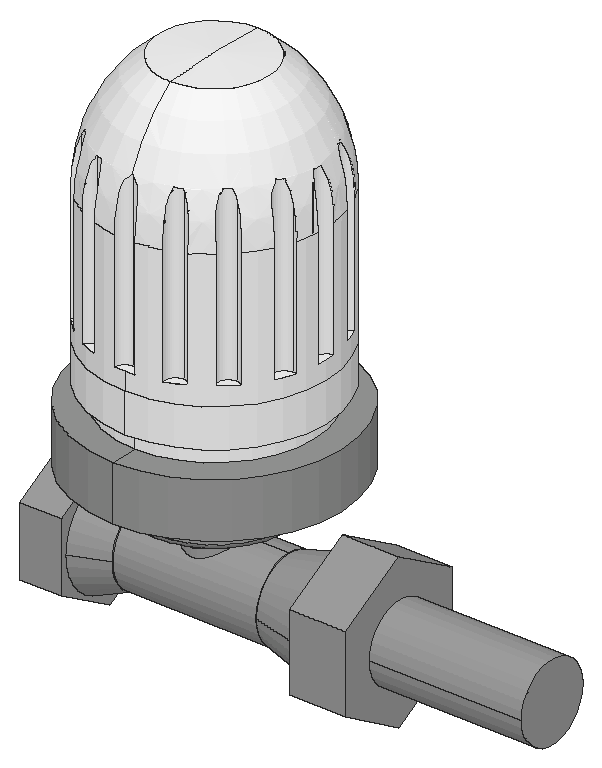
Revit family "BIMLIB_Термостатический_клапан_TVD_РОСТерм", category Арматура трубопроводов, Revit 2017
Family settings
  Размер круглого соединителя = Использовать диаметр
  Тип детали = Клапан - Вставляется
  На основе рабочей плоскости = Нет
  Всегда вертикально = Нет
  При загрузке вырезать с полостями = Нет
  Общий = Нет
Parameters (values of type "HEIZEN TVD")
  РТ_Термоэлемент [instance] = yes
  РТ_Перепад давления [instance] = if(РТ_DN = 15.00 mm, 100.0 kPa, 0.0 kPa)  # 100.0 kPa
  РТ_Номинальное давление = 10.0 bar  # constant formula
  РТ_not(Термоэлемент) [instance] = if(not(РТ_Термоэлемент), 1 = 1, 0 = 1)  # no
  РТ_L = 95.00 mm  # constant formula
  РТ_Kvm [instance] = 0.049 m³/h  # constant formula
  РТ_Kvs [instance] = if(РТ_Термоэлемент, 0.67 m³/h, 0.86 m³/h)  # 0.67 m³/h
  Метод определения потерь = Не задано
  K Coefficient = 0
  URL = "http://rostherm.ru/"
  Изготовитель = "РОСТерм"  # constant formula
  Model = ""
  Описание = "Термостатические клапаны предназначены для автоматического или ручного регулирования расхода теплоносителя с температурой до 120ºС\r\nи рабочим давлением до 1,0 МПа включительно через отопительный\r\nприбор водяной системы отопления."
  Assembly Code = ""
  РТ_DN = 15.00 mm  # constant formula
  BL_Разработано = "support@bimlib.ru"  # constant formula
  BL_Email = "rostherm@bimlib.ru"  # constant formula
  BL_BIM library = "https://bimlib.pro/manufacturer/rosterm/1632"
  ADSK_Расход жидкости [instance] = 0.0 m³/h
  ADSK_Примечание = ""
  ADSK_Позиция = ""
  ADSK_Обозначение = if(РТ_DN = 15.00 mm, "ГОСТ 30815-2002", "-")  # "ГОСТ 30815-2002"
  ADSK_Наименование краткое = if(РТ_DN = 15.00 mm, "TVD 2101 Ду15", "-")  # "TVD 2101 Ду15"
  ADSK_Наименование = if(РТ_DN = 15.00 mm, "ТЕРМОСТАТИЧЕСКИЙ КЛАПАН С ПРЕДВАРИТЕЛЬНОЙ НАСТРОЙКОЙ TVD 2101 Ду15", "-")  # "ТЕРМОСТАТИЧЕСКИЙ КЛАПАН С ПРЕДВАРИТЕЛЬНОЙ НАСТРОЙКОЙ TVD 2101 Ду15"
  ADSK_Материал [instance] = BIMLIB_Серый_РТ
  ADSK_Масса_Текст = ""
  ADSK_Масса = 0
  ADSK_Марка = if(РТ_DN = 15.00 mm, "TVD 2101 Ду15", "-")  # "TVD 2101 Ду15"
  ADSK_Код изделия = if(РТ_DN = 15.00 mm, "TVD 2101-15", "-")  # "TVD 2101-15"
  ADSK_Завод-изготовитель = "Heizen"  # constant formula
  ADSK_Единица измерения = "шт."  # constant formula
  ADSK_Версия Revit = "2017"  # constant formula
  ADSK_URL страницы изделия = "http://rostherm.ru/termostatika/"
  ADSK_URL документации изделия = "http://rostherm.ru/"
Reference planes
  plane 1 "Centro (Fronte/Retro)": y = 0
  plane 2: z = 0
  plane 3 "Centro (Sinistra/Destra)": x = 0
Dimensions and locks
  aligned and locked: level to plane 2
  aligned and locked: nested 4 to plane 1 "Centro (Fronte/Retro)"
  aligned and locked: nested 4 to nested 1
Nested families
  nested 1: "BIMLIB_Термостатический_клапан_TVD_РОСТерм_DN15" at (0, 0, 0), ADSK_Материал <- "ADSK_Материал", РТ_Термоголовка <- "РТ_not(Термоэлемент)", type "DN 15"
    with РТ_Термоголовка no, ADSK_Материал BIMLIB_Серый_РТ
  nested 2: "УГО_Фронт" at (-15, 0, 0), type "УГО_Фронт", detail levels coarse
    with Длина 65.00 mm
  nested 3: "УГО" at (-15.192, 0, 0), type "УГО", detail levels coarse
    with Длина 65.00 mm
  nested 4: "BIMLIB_ТермоголовкаTW_РОСТерм" at (-18.705, 0, 14.199) x (0, 1, 0) z (0, 0, 1), visible <- "РТ_Термоэлемент", type "HEIZEN_TW"
    with ADSK_Обозначение "ГОСТ 30815-2002", ADSK_Наименование "ЭКОНОМИЧНЫЙ ТЕРМОСТАТИЧЕСКИЙ ЭЛЕМЕНТ HEIZEN СЕРИИ TW", ADSK_Марка "Heizen TW-1", ADSK_Код изделия "Heizen TW-1"
Connectors
  piping at (-47.5, 0, 0), diameter 15, driven by "РТ_DN", driven by "ADSK_Расход жидкости"
    settings: on nested 1, index 8, connector inside diameter 609.6 mm, connector length 0.00 mm, flow factor 0, pipe flow 0.0 m³/h, pressure drop 0.0 kPa, fitting loss kfactor 0, connector angle 0.00°, fixture units 0, engagement length 0.00 mm, angle of deflection 0.00°, flow configuration 0, flow direction 0, fitting loss method 0, system type 29, joint type 0, gender type 0, connector reference index 9, connector utility 0, adjustable connector no, is connector primary no, connector description ""
  piping at (17.5, 0, 0), diameter 15, driven by "ADSK_Расход жидкости", driven by "РТ_DN"
    settings: on nested 1, index 9, connector inside diameter 609.6 mm, connector length 0.00 mm, flow factor 0, pipe flow 0.0 m³/h, pressure drop 0.0 kPa, fitting loss kfactor 0, connector angle 0.00°, fixture units 0, engagement length 0.00 mm, angle of deflection 0.00°, flow configuration 0, flow direction 0, fitting loss method 0, system type 29, joint type 0, gender type 0, connector reference index 8, connector utility 0, adjustable connector no, is connector primary yes, connector description ""
Definition of nested family "BIMLIB_Термостатический_клапан_TVD_РОСТерм_DN15"
  Parameters (values of type "DN 15")
    РТ_Термоголовка [instance] = yes
    РОСТерм_DN = 15.00 mm
    URL = ""
    Manufacturer = ""
    Description = ""
    ADSK_Материал [instance] = none
  Reference planes
    plane 1 "Center (Front/Back)": y = 0
    plane 2 "XYPLANE": z = 0
    plane 3 "Center (Left/Right)": x = 0
    plane 4 "63": y = 0
    plane 5 "62": z = 0
    plane 6 "57": y = 0
    plane 7 "54": z = 0
    plane 8 "53": y = 0
    plane 9 "49": y = 0
    plane 10 "48": z = 0
    plane 11: z = 21.5
    plane 12: z = 11.5
  Forms (mm)
    Blend 1, solid, material <- "ADSK_Материал", detail levels medium+fine
      base sketch origin (-51.308, -750, 0) x (0, 1, 0) y (0, 0, 1)
        loop
          circle (750, 0) r 10.8
      top sketch origin (-51.308, -750, 0) x (0, 1, 0) y (0, 0, 1)
        loop
          circle (750, 0) r 8
      from 0 to 7
    Extrusion 2, solid, material <- "ADSK_Материал", detail levels medium+fine
      sketch origin (21.837, -750, 0) x (0, 1, 0) y (0, 0, 1)
        loop
          circle (750, 0) r 7.5
      from -4.337 to 25.663
    Extrusion 3, solid, material <- "ADSK_Материал", detail levels medium+fine
      sketch origin (-47.5, -750, 0) x (0, 1, 0) y (0, 0, 1)
        loop
          line (750, 13.5) -> (738.309, 6.75) -> (738.309, -6.75) -> (750, -13.5) -> (761.691, -6.75) -> (761.691, 6.75) -> (750, 13.5)
      from 0 to 8.192
    Blend 4, solid, material <- "ADSK_Материал", detail levels medium+fine
      base sketch origin (-21.692, -750, 0) x (0, 1, 0) y (0, 0, -1)
        loop
          circle (750, 0) r 10.8
      top sketch origin (-21.692, -750, 0) x (0, 1, 0) y (0, 0, -1)
        loop
          circle (750, 0) r 8
      from -3.686 to 7
    Extrusion 5, solid, material <- "ADSK_Материал", detail levels medium+fine
      sketch origin (6.494, -750, 0) x (0, 1, 0) y (0, 0, 1)
        loop
          line (750, 15) -> (737.01, 7.5) -> (737.01, -7.5) -> (750, -15) -> (762.99, -7.5) -> (762.99, 7.5) -> (750, 15)
      from 0 to 11.006
    Revolve 6, solid, material <- "ADSK_Материал", detail levels medium+fine
      sketch origin (-18.25, 0, 0) x (1, 0, 0) y (0, 0, 1)
        loop
          line (14.058, 0) -> (14.058, 8) -> (-14.058, 8) -> (-14.058, 0) -> (14.058, 0)
        axis (-14.058, 0) -> (14.058, 0)
      angle from 0 to 360
    Revolve 7, solid, material <- "ADSK_Материал", visible <- "РТ_Термоголовка", detail levels medium+fine
      sketch origin (-18.25, 0, 0) x (1, 0, 0) y (0, 0, 1)
        loop
          line (0, 11.5) -> (0, 21.5)
          arc (0, 21.5) -> (-5.245, 20.737) -> (-10, 18.394) r 16.993
          line (-10, 18.394) -> (-10, 11.5) -> (0, 11.5)
        axis (0, 21.5) -> (0, 11.5)
      angle from 0 to 360
    Revolve 8, solid, material <- "ADSK_Материал", detail levels medium+fine
      sketch origin (-18.25, 0, 0) x (1, 0, 0) y (0, 0, 1)
        loop
          line (0, 0) -> (0, 11.5) -> (-6.139, 11.5) -> (-6.139, 0) -> (0, 0)
        axis (0, 11.5) -> (0, 0)
      angle from 0 to 360
  Lines and regions (mm)
    reference lines
      curve 1: circle (-4.506, 0, 0) r 1 normal (1, 0, 0)
  Text (mm)
    text "© Progman Oy, all rights reserved" at (-472.209, -2482.653, 0), in view "Ref. Level"
  Dimensions and locks
    locked: plane 1 "Center (Front/Back)" to plane 4 "63"
    locked: plane 2 "XYPLANE" to plane 5 "62"
    locked: plane 1 "Center (Front/Back)" to plane 6 "57"
    locked: plane 2 "XYPLANE" to plane 7 "54"
    locked: plane 1 "Center (Front/Back)" to plane 8 "53"
    locked: plane 1 "Center (Front/Back)" to plane 9 "49"
    locked: plane 2 "XYPLANE" to plane 10 "48"
    Extrusion 3 to Extrusion 2 = 95.00 mm
    locked: plane 11 to level at 21.5
    locked: plane 11 to plane 12 at 10
    equal spacing: Extrusion 3, plane 3 "Center (Left/Right)", Extrusion 2
    radius of Blend 1 sketch curve = 10.80 mm
    radius of Blend 4 sketch curve = 10.80 mm
    aligned and locked: level to plane 2 "XYPLANE"
    aligned and locked: Extrusion 2 to Extrusion 5
  Automatic sketch dimensions
    Blend 1 sketch curve to Blend 1 sketch curve = 0.00 mm  (x4)
    Blend 1 sketch curve to level = 0.00 mm  (x2)
    Blend 1 sketch curve to plane 1 "Center (Front/Back)" = 0.00 mm  (x2)
    plane 1 "Center (Front/Back)" to Blend 1 sketch curve = 8.00 mm
    Extrusion 2 sketch curve to Extrusion 2 sketch curve = 0.00 mm  (x2)
    Extrusion 2 sketch curve to level = 0.00 mm
    Extrusion 2 sketch curve to plane 1 "Center (Front/Back)" = 0.00 mm
    plane 1 "Center (Front/Back)" to Extrusion 2 sketch curve = 7.50 mm
    Extrusion 3 sketch curve to plane 1 "Center (Front/Back)" = 0.00 mm  (x2)
    plane 1 "Center (Front/Back)" to Extrusion 3 sketch curve = 11.691 mm
    Extrusion 3 sketch curve to plane 12 = 4.75 mm  (x2)
    Extrusion 3 sketch curve to plane 1 "Center (Front/Back)" = 11.691 mm
    Extrusion 3 sketch curve to level = 6.75 mm  (x2)
    Extrusion 3 sketch curve to level = 13.50 mm
    plane 12 to Extrusion 3 sketch curve = 2.00 mm
    Blend 4 sketch curve to Blend 4 sketch curve = 0.00 mm  (x4)
    Blend 4 sketch curve to level = 0.00 mm  (x2)
    Blend 4 sketch curve to plane 1 "Center (Front/Back)" = 0.00 mm  (x2)
    plane 1 "Center (Front/Back)" to Blend 4 sketch curve = 8.00 mm
    Extrusion 5 sketch curve to plane 1 "Center (Front/Back)" = 0.00 mm  (x2)
    plane 1 "Center (Front/Back)" to Extrusion 5 sketch curve = 12.99 mm
    Extrusion 5 sketch curve to plane 12 = 4.00 mm  (x2)
    Extrusion 5 sketch curve to plane 1 "Center (Front/Back)" = 12.99 mm
    Extrusion 5 sketch curve to level = 7.50 mm  (x2)
    Extrusion 5 sketch curve to Extrusion 5 sketch curve = 7.50 mm
    plane 12 to Extrusion 5 sketch curve = 3.50 mm
    Revolve 6 sketch curve to level = 0.00 mm  (x2)
    Revolve 6 sketch curve to plane 3 "Center (Left/Right)" = 32.308 mm
    Revolve 6 sketch curve to plane 3 "Center (Left/Right)" = 4.192 mm
    Revolve 6 sketch curve to plane 12 = 3.50 mm
    Revolve 6 sketch curve to Revolve 6 sketch curve = 5.23 mm
    plane 3 "Center (Left/Right)" to Revolve 6 sketch curve = 4.764 mm
    Revolve 7 sketch curve to plane 12 = 0.00 mm
    Revolve 7 sketch curve to plane 11 = 0.00 mm
    Revolve 7 sketch curve to plane 3 "Center (Left/Right)" = 28.25 mm
    level to Revolve 7 sketch curve = 4.509 mm
    Revolve 7 sketch curve to Revolve 7 sketch curve = 9.795 mm
    Revolve 7 sketch curve to Revolve 7 sketch curve = 0.205 mm
    Revolve 7 sketch curve to Revolve 7 sketch curve = 0.00 mm
    Revolve 7 sketch curve to level = 1.147 mm
    plane 11 to Revolve 7 sketch curve = 5.00 mm
    Revolve 8 sketch curve to level = 0.00 mm
    Revolve 8 sketch curve to plane 12 = 0.00 mm
    Revolve 8 sketch curve to plane 3 "Center (Left/Right)" = 24.389 mm
    Revolve 8 sketch curve to Revolve 8 sketch curve = 6.139 mm
    Revolve 8 sketch curve to plane 3 "Center (Left/Right)" = 18.25 mm
    Revolve 8 sketch curve to level = 6.703 mm
    plane 11 to Revolve 8 sketch curve = 10.00 mm
    curve 1 to level = 0.00 mm
    curve 1 to plane 1 "Center (Front/Back)" = 0.00 mm
    radius of curve 1 = 1.00 mm
Definition of nested family "BIMLIB_ТермоголовкаTW_РОСТерм"
  Parameters (values of type "HEIZEN_TW")
    РТ_Материал_Основание = none
    РТ_D/2 = 15.00 mm
    Default Elevation = 1219.20 mm
    K Coefficient = 0
    URL = "http://rostherm.ru"
    Manufacturer = "РОСТерм"  # constant formula
    Model = ""
    Description = "Термостатическая головка Heizen (Хейзен) серии TW-1 устанавливается на термостатический клапан с помощью резьбового соединения, подкрученного в ручную на корпус клапана."
    Assembly Code = ""
    BL_Разработано = "support@bimlib.ru"  # constant formula
    BL_Email = "rostherm@bimlib.ru"  # constant formula
    BL_BIM library = "https://bimlib.pro/manufacturer/rosterm/1632/"
    ADSK_Примечание = ""
    ADSK_Позиция = ""
    ADSK_Обозначение [instance] = "ГОСТ 30815-2002"  # constant formula
    ADSK_Наименование краткое = "Heizen TW-1"  # constant formula
    ADSK_Наименование [instance] = "ЭКОНОМИЧНЫЙ ТЕРМОСТАТИЧЕСКИЙ ЭЛЕМЕНТ HEIZEN СЕРИИ TW"  # constant formula
    ADSK_Материал = none
    ADSK_Масса_Текст = ""
    ADSK_Масса = 0
    ADSK_Марка [instance] = "Heizen TW-1"  # constant formula
    ADSK_Код изделия [instance] = "Heizen TW-1"  # constant formula
    ADSK_Завод-изготовитель = "Heizen"  # constant formula
    ADSK_Единица измерения = "шт."  # constant formula
    ADSK_Версия Revit = "2017"  # constant formula
    ADSK_URL страницы изделия = "http://rostherm.ru/termostatika/"
    ADSK_URL документации изделия = "http://rostherm.ru"
  Reference planes
    plane 1 "Centro (Fronte/Retro)": y = 0
    plane 2: z = 0
    plane 3 "Centro (Sinistra/Destra)": x = 0
    plane 4: x = -13.305
    plane 5: z = -2.699
  Forms (mm)
    Revolve 1, solid, material <- "РТ_Материал_Основание", detail levels medium+fine
      sketch origin (0, 0, 0) x (1, 0, 0) y (0, 0, 1)
        loop
          line (0, 0) -> (0, 15.54) -> (-24.955, 15.54) -> (-24.955, 4.765) -> (-12.823, 2.873) -> (-13.305, 2.158) -> (-13.305, 1.368) -> (-13, 0) -> (0, 0)
        axis (0, 15.54) -> (0, 0)
      angle from 0 to 360
    Revolve 2, solid, material <- "РТ_Материал_Основание", detail levels medium+fine
      sketch origin (0, 0, 0) x (1, 0, 0) y (0, 0, 1)
        loop
          line (-13.5, 1.732) -> (-14.414, 0.818)
          arc (-14.414, 0.818) -> (-14.848, 0.169) -> (-15, -0.596) r 2
          line (-15, -0.596) -> (-15, -1.4)
          arc (-15, -1.4) -> (-14.866, -1.9) -> (-14.5, -2.266) r 1
          line (-14.5, -2.266) -> (-13.75, -2.699) -> (0, -2.699) -> (0, 1.732) -> (-13.5, 1.732)
        axis (0, 1.732) -> (0, -2.699)
      angle from 0 to 360
    Revolve 3, solid, material <- "ADSK_Материал", detail levels medium+fine
      sketch origin (0, 0, 0.077) x (1, 0, 0) y (0, 0, 1)
        loop
          line (0, 15.463) -> (0, 23.9) -> (0, 76.638)
          arc (0, 76.638) -> (-5.366, 76.468) -> (-10.725, 76.137) r 180
          arc (-10.725, 76.137) -> (-18.998, 66.103) -> (-21.961, 53.44) r 28.543
          line (-21.961, 53.44) -> (-21.961, 26.669) -> (-21.961, 19.052) -> (-19.519, 19.052) -> (-19.519, 15.463) -> (0, 15.463)
        axis (0, 76.638) -> (0, 15.463)
      angle from 0 to 360
    Extrusion 4, void
      sketch origin (5.658, 0, -0.169) x (1, 0, 0) y (0, 1, 0)
        loop
          circle (-5.658, 21.88) r 2
        loop
          circle (16.24, 0.018) r 2
        loop
          circle (9.961, 15.281) r 2
        loop
          circle (2.394, 20.228) r 2
        loop
          circle (14.542, 8.542) r 2
        loop
          circle (-21.277, 15.281) r 2
        loop
          circle (-13.71, 20.228) r 2
        loop
          circle (-25.858, 8.542) r 2
        loop
          circle (-27.556, 0.018) r 2
        loop
          circle (-5.658, -21.88) r 2
        loop
          circle (9.961, -15.281) r 2
        loop
          circle (2.394, -20.228) r 2
        loop
          circle (14.542, -8.542) r 2
        loop
          circle (-21.277, -15.281) r 2
        loop
          circle (-13.71, -20.228) r 2
        loop
          circle (-25.858, -8.542) r 2
      from 30.499 to 86.893
  Cuts and joins
    Extrusion 4 cuts Revolve 1
    Extrusion 4 cuts Revolve 3
  Dimensions and locks
    "РТ_D/2": plane 3 "Centro (Sinistra/Destra)" to Revolve 2 sketch curve
    Revolve 2 sketch curve to Revolve 2 sketch curve = 4.431 mm
    aligned and locked: level to plane 2
    aligned and locked: Revolve 1 sketch curve to Revolve 1 sketch curve
    aligned and locked: Revolve 2 sketch curve to Revolve 2 sketch curve
    aligned and locked: Revolve 3 sketch curve to Revolve 3 sketch curve
    aligned and locked: Revolve 3 sketch curve to Revolve 1
  Automatic sketch dimensions
    Revolve 1 sketch curve to plane 4 = 0.00 mm
    Revolve 1 sketch curve to level = 0.00 mm  (x2)
    Revolve 1 sketch curve to plane 3 "Centro (Sinistra/Destra)" = 0.00 mm
    level to Revolve 1 sketch curve = 4.765 mm
    Revolve 1 sketch curve to plane 4 = 11.649 mm
    plane 4 to Revolve 1 sketch curve = 0.305 mm
    plane 4 to Revolve 1 sketch curve = 0.483 mm
    level to Revolve 1 sketch curve = 1.368 mm
    Revolve 1 sketch curve to Revolve 1 sketch curve = 0.79 mm
    Revolve 1 sketch curve to Revolve 1 sketch curve = 0.715 mm
    level to Revolve 1 sketch curve = 15.54 mm
    Revolve 1 sketch curve to Revolve 1 sketch curve = 21.96 mm
    Revolve 3 sketch curve to plane 3 "Centro (Sinistra/Destra)" = 0.00 mm
    Revolve 3 sketch curve to plane 3 "Centro (Sinistra/Destra)" = 19.519 mm
    Revolve 3 sketch curve to Revolve 3 sketch curve = 2.442 mm
    plane 3 "Centro (Sinistra/Destra)" to Revolve 3 sketch curve = 3.039 mm
    plane 3 "Centro (Sinistra/Destra)" to Revolve 3 sketch curve = 6.582 mm
    Revolve 3 sketch curve to Revolve 3 sketch curve = 3.59 mm
    Revolve 3 sketch curve to Revolve 3 sketch curve = 8.437 mm
    Revolve 3 sketch curve to Revolve 3 sketch curve = 7.616 mm
    Revolve 3 sketch curve to Revolve 3 sketch curve = 29.54 mm
    Revolve 3 sketch curve to Revolve 3 sketch curve = 23.198 mm
    Revolve 3 sketch curve to plane 3 "Centro (Sinistra/Destra)" = 10.725 mm
    Revolve 3 sketch curve to Revolve 3 sketch curve = 0.437 mm
    Revolve 3 sketch curve to Revolve 3 sketch curve = 2.938 mm
    Extrusion 4 sketch curve to plane 3 "Centro (Sinistra/Destra)" = 0.00 mm  (x2)
    Extrusion 4 sketch curve to plane 3 "Centro (Sinistra/Destra)" = 8.052 mm  (x2)
    Extrusion 4 sketch curve to Extrusion 4 sketch curve = 7.567 mm  (x4)
    Extrusion 4 sketch curve to Extrusion 4 sketch curve = 4.581 mm  (x4)
    Extrusion 4 sketch curve to plane 1 "Centro (Fronte/Retro)" = 0.018 mm  (x2)
    Extrusion 4 sketch curve to Extrusion 4 sketch curve = 1.698 mm  (x2)
    plane 3 "Centro (Sinistra/Destra)" to Extrusion 4 sketch curve = 8.052 mm  (x2)
    plane 1 "Centro (Fronte/Retro)" to Extrusion 4 sketch curve = 8.542 mm  (x2)
    Extrusion 4 sketch curve to Extrusion 4 sketch curve = 6.74 mm  (x4)
    Extrusion 4 sketch curve to Extrusion 4 sketch curve = 4.946 mm  (x4)
    Extrusion 4 sketch curve to Extrusion 4 sketch curve = 1.652 mm  (x2)
    Extrusion 4 sketch curve to plane 1 "Centro (Fronte/Retro)" = 8.542 mm  (x2)
    Revolve 2 sketch curve to plane 5 = 0.00 mm
    Revolve 2 sketch curve to plane 3 "Centro (Sinistra/Destra)" = 0.00 mm
    plane 5 to Revolve 2 sketch curve = 0.433 mm
    Revolve 2 sketch curve to Revolve 2 sketch curve = 0.50 mm  (x2)
    level to Revolve 2 sketch curve = 0.818 mm
    Revolve 2 sketch curve to Revolve 2 sketch curve = 0.586 mm
    Revolve 2 sketch curve to Revolve 2 sketch curve = 0.75 mm
    Revolve 2 sketch curve to Revolve 2 sketch curve = 0.914 mm
    Revolve 2 sketch curve to level = 0.596 mm
    Revolve 2 sketch curve to plane 5 = 3.301 mm
    Revolve 2 sketch curve to Revolve 2 sketch curve = 4.268 mm
    radius of Extrusion 4 sketch curve = 2.00 mm  (x16)
Definition of nested family "УГО_Фронт"
  Parameters (values of type "УГО_Фронт")
    Loss Method = (empty or 0)
    Длина [instance] = 100.00 mm
  Reference planes
    plane 1 "Centro (Fronte/Retro)": y = 0
    plane 2: z = 0
    plane 3 "Centro (Sinistra/Destra)": x = 0
    plane 4: through (4267.2, 0, 0) normal (0, -0.7071, 0.7071)
    plane 5: x = 50
    plane 6: x = -50
  Lines and regions (mm)
    model lines, detail levels coarse
      curve 1: line (50, 0, -30) -> (50, 0, 30)
      curve 2: line (-50, 0, -30) -> (-50, 0, 30)
      curve 3: line (50, 0, 30) -> (-50, 0, -30)
      curve 4: line (-50, 0, 30) -> (50, 0, -30)
  Dimensions and locks
    equal spacing: plane 5, plane 3 "Centro (Sinistra/Destra)", plane 6
    "Длина": plane 5 to plane 6
    aligned and locked: level to plane 2
  Automatic sketch dimensions
    curve 3 to plane 6 = 0.00 mm
    curve 3 to plane 5 = 0.00 mm
    level to curve 1 = 30.00 mm
    curve 3 to level = 30.00 mm
    curve 4 to level = 30.00 mm
    level to curve 2 = 30.00 mm
Definition of nested family "УГО"
  Parameters (values of type "УГО")
    Loss Method = (empty or 0)
    Длина [instance] = 100.00 mm
  Reference planes
    plane 1 "Centro (Fronte/Retro)": y = 0
    plane 2: z = 0
    plane 3 "Centro (Sinistra/Destra)": x = 0
    plane 4: through (4267.2, 0, 0) normal (0, -0.7071, 0.7071)
    plane 5: x = 50
    plane 6: x = -50
  Lines and regions (mm)
    symbolic lines
      curve 1: line (-50, -40, 0) -> (50, 40, 0)
      curve 2: line (50, -40, 0) -> (-50, 40, 0)
      curve 3: line (50, 40, 0) -> (50, -40, 0)
      curve 4: line (-50, 40, 0) -> (-50, -40, 0)
  Dimensions and locks
    equal spacing: plane 5, plane 3 "Centro (Sinistra/Destra)", plane 6
    "Длина": plane 5 to plane 6
    aligned and locked: level to plane 2
    aligned and locked: curve 3 to plane 5
    aligned and locked: curve 4 to plane 6
  Automatic sketch dimensions
    plane 1 "Centro (Fronte/Retro)" to curve 3 = 40.00 mm
    plane 1 "Centro (Fronte/Retro)" to curve 4 = 40.00 mm
    curve 4 to plane 1 "Centro (Fronte/Retro)" = 40.00 mm
    curve 1 to plane 1 "Centro (Fronte/Retro)" = 40.00 mm
